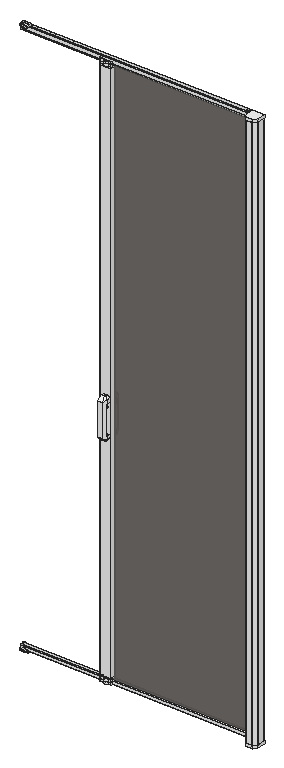
Revit family "Door_Screen-Sliding-Phantom_Screens-Single_Parting-Retractable_Door_Screens-TW2", category Specialty Equipment, Revit 2017 (continued)
Definition of nested family "Nested-Detail-Phantom_Screens-Retractable-Housing"
  Lines and regions (in)
    Masking region 1, in view "Ref. Level", detail levels medium+fine
      outline origin (0, 0.43304, 0) x (1, 0, 0) y (0, 1, 0)
        loop
          line (-0.92614, -0.03234) -> (-0.92614, -0.73511)
          arc (-0.92614, -0.73511) -> (-0.92049, -0.77182) -> (-0.90406, -0.80513) r 0.12207
          line (-0.90406, -0.80513) -> (-0.575, -1.27507)
          arc (-0.575, -1.27507) -> (-0.53137, -1.31333) -> (-0.47501, -1.32713) r 0.12207
          line (-0.47501, -1.32713) -> (0.37295, -1.32713)
          arc (0.37295, -1.32713) -> (0.42932, -1.31333) -> (0.47295, -1.27507) r 0.12207
          line (0.47295, -1.27507) -> (0.802, -0.80513)
          arc (0.802, -0.80513) -> (0.81843, -0.77182) -> (0.82408, -0.73511) r 0.12207
          line (0.82408, -0.73511) -> (0.82408, 0.28171)
          arc (0.82408, 0.28171) -> (0.70931, 0.40059) -> (0.58646, 0.29007) r 0.11896
          arc (0.58646, 0.29007) -> (0.59743, 0.26512) -> (0.6242, 0.26004) r 0.02925
          arc (0.6242, 0.26004) -> (0.6398, 0.26946) -> (0.6468, 0.28627) r 0.02925
          arc (0.6468, 0.28627) -> (0.74649, 0.32307) -> (0.70968, 0.22338) r 0.0585
          arc (0.70968, 0.22338) -> (0.69287, 0.21638) -> (0.68346, 0.20079) r 0.02925
          arc (0.68346, 0.20079) -> (0.68854, 0.17401) -> (0.71349, 0.16305) r 0.02925
          arc (0.71349, 0.16305) -> (0.7394, 0.1678) -> (0.76363, 0.17813) r 0.11896
          line (0.76363, 0.17813) -> (0.76363, -0.73517)
          arc (0.76363, -0.73517) -> (0.76078, -0.75364) -> (0.75252, -0.7704) r 0.06142
          line (0.75252, -0.7704) -> (0.42337, -1.24048)
          arc (0.42337, -1.24048) -> (0.40141, -1.25973) -> (0.37305, -1.26667) r 0.06142
          line (0.37305, -1.26667) -> (-0.37305, -1.26667)
          arc (-0.37305, -1.26667) -> (-0.35922, -1.22728) -> (-0.35985, -1.18554) r 0.11896
          arc (-0.35985, -1.18554) -> (-0.39413, -1.16238) -> (-0.41728, -1.19667) r 0.02925
          arc (-0.41728, -1.19667) -> (-0.50588, -1.25883) -> (-0.49571, -1.15286) r 0.0585
          arc (-0.49571, -1.15286) -> (-0.47823, -1.11383) -> (-0.51542, -1.09572) r 0.02925
          arc (-0.51542, -1.09572) -> (-0.55583, -1.11941) -> (-0.58396, -1.15688) r 0.11896
          line (-0.58396, -1.15688) -> (-0.85458, -0.7704)
          arc (-0.85458, -0.7704) -> (-0.86284, -0.75364) -> (-0.86568, -0.73517) r 0.06142
          line (-0.86568, -0.73517) -> (-0.86568, 0.05452)
          arc (-0.86568, 0.05452) -> (-1.03434, 0.10743) -> (-0.92614, -0.03234) r 0.09263
    Masking region 2, in view "Ref. Level", detail levels coarse
      outline origin (0, 0, 0) x (1, 0, 0) y (0, 1, 0)
        loop
          line (-1.05094, 0.83363) -> (-1.05094, -0.89408) -> (0.82408, -0.89408) -> (0.82408, 0.83363) -> (-1.05094, 0.83363)
  Dimensions and locks (in)
    Masking region 2 sketch curve to plane 1 "Center (Front/Back)" to Masking region 2 sketch curve = 0' - 0.89408" locked, 0' - 0.83363" locked
    Masking region 2 sketch curve to plane 3 "Center (Left/Right)" to Masking region 2 sketch curve = 0' - 1.05094" locked, 0' - 0.82408" locked
    Masking region 1 sketch curve to Masking region 1 sketch curve to Masking region 1 sketch curve to Masking region 1 sketch curve to Masking region 1 sketch curve to Masking region 1 sketch curve to Masking region 1 sketch curve to Masking region 1 sketch curve to Masking region 1 sketch curve to Masking region 1 sketch curve to Masking region 1 sketch curve to Masking region 1 sketch curve to plane 3 "Center (Left/Right)" to Masking region 1 sketch curve to Masking region 1 sketch curve to Masking region 1 sketch curve to Masking region 1 sketch curve to Masking region 1 sketch curve to Masking region 1 sketch curve to Masking region 1 sketch curve to Masking region 1 sketch curve to Masking region 1 sketch curve = 0' - 0.12481" locked, 0' - 0.02208" locked, 0' - 0.03838" locked, 0' - 0.01111" locked, 0' - 0.27061" locked, 0' - 0.00896" locked, 0' - 0.03987" locked, 0' - 0.0585" locked, 0' - 0.00162" locked, 0' - 0.10195" locked, 0' - 0.01374" locked, 0' - 0.35931" locked, 0' - 0.37295" locked, 0' - 0.0001" locked, 0' - 0.05031" locked, 0' - 0.04958" locked, 0' - 0.11344" locked, 0' - 0.09579" locked, 0' - 0.08145" locked, 0' - 0" locked, 0' - 0.06045" locked
    Masking region 1 sketch curve to Masking region 1 sketch curve to Masking region 1 sketch curve to Masking region 1 sketch curve to Masking region 1 sketch curve to Masking region 1 sketch curve to Masking region 1 sketch curve to Masking region 1 sketch curve to Masking region 1 sketch curve to Masking region 1 sketch curve to Masking region 1 sketch curve to Masking region 1 sketch curve to Masking region 1 sketch curve to Masking region 1 sketch curve to Masking region 1 sketch curve to Masking region 1 sketch curve to Masking region 1 sketch curve to plane 1 "Center (Front/Back)" to Masking region 1 sketch curve to Masking region 1 sketch curve to Masking region 1 sketch curve to Masking region 1 sketch curve to Masking region 1 sketch curve to Masking region 1 sketch curve = 0' - 0.05205" locked, 0' - 0" locked, 0' - 0.0084" locked, 0' - 0" locked, 0' - 0.02619" locked, 0' - 0.07863" locked, 0' - 0.00497" locked, 0' - 0.06276" locked, 0' - 0.28899" locked, 0' - 0" locked, 0' - 0.03473" locked, 0' - 0" locked, 0' - 0.03523" locked, 0' - 0" locked, 0' - 0.00006" locked, 0' - 0" locked, 0' - 0.30207" locked, 0' - 0.39493" locked, 0' - 0.20108" locked, 0' - 0.01516" locked, 0' - 0.08063" locked, 0' - 0.08145" locked, 0' - 0.06045" locked
Definition of nested family "Nested-Detail-Phantom_Screens-Slide_Bar"
  Parameters (values of type "Slide Bar")
    URL = "https://www.phantomscreens.com/"
    Type Comments = "For Use With Phantom Models Only"  # constant formula
    Manufacturer = "Phantom Mfg. (Int'l) Ltd."  # constant formula
    Description = "Slide Bar"  # constant formula
  Reference planes (in)
    plane 1 "Center (Front/Back)": y = 0
    plane 2: z = 0
    plane 3 "Center (Left/Right)": x = 0
  Lines and regions (in)
    Masking region 1, in view "Ref. Level", detail levels medium+fine
      outline origin (0, 0.43304, 0) x (1, 0, 0) y (0, 1, 0)
        loop
          line (0.80708, -0.24652) -> (0.73563, -0.23476)
          arc (0.73563, -0.23476) -> (0.59606, -0.18402) -> (0.73563, -0.13328) r 0.07901
          line (0.73563, -0.13328) -> (0.80708, -0.12151)
          arc (0.80708, -0.12151) -> (0.8488, -0.10423) -> (0.86608, -0.06251) r 0.05901
          line (0.86608, -0.06251) -> (0.86608, -0.03)
          arc (0.86608, -0.03) -> (0.8573, -0.00879) -> (0.83608, 0) r 0.03
          line (0.83608, 0) -> (-0.64506, 0)
          arc (-0.64506, 0) -> (-0.66456, -0.0195) -> (-0.64506, -0.039) r 0.0195
          line (-0.64506, -0.039) -> (-0.59057, -0.039) -> (-0.59057, -0.10001) -> (-0.81748, -0.10001) -> (-0.81748, -0.039) -> (-0.76307, -0.039)
          arc (-0.76307, -0.039) -> (-0.74357, -0.0195) -> (-0.76307, 0) r 0.0195
          line (-0.76307, 0) -> (-0.86608, 0) -> (-0.86608, -0.27403) -> (-0.82708, -0.27403) -> (-0.82708, -0.23052)
          arc (-0.82708, -0.23052) -> (-0.79658, -0.20002) -> (-0.76607, -0.23052) r 0.0305
          line (-0.76607, -0.23052) -> (-0.76607, -0.27403) -> (-0.66606, -0.27403) -> (-0.66606, -0.35603) -> (-0.76607, -0.35603) -> (-0.76607, -0.39954)
          arc (-0.76607, -0.39954) -> (-0.79658, -0.43004) -> (-0.82708, -0.39954) r 0.0305
          line (-0.82708, -0.39954) -> (-0.82708, -0.35453) -> (-0.86608, -0.35453) -> (-0.86608, -0.66506) -> (-0.66506, -0.86608) -> (0.83608, -0.86608)
          arc (0.83608, -0.86608) -> (0.8573, -0.8573) -> (0.86608, -0.83608) r 0.03
          line (0.86608, -0.83608) -> (0.86608, -0.30553)
          arc (0.86608, -0.30553) -> (0.8488, -0.26381) -> (0.80708, -0.24652) r 0.05901
    Masking region 2, in view "Ref. Level", detail levels fine
      outline origin (0, 0.43304, 0) x (1, 0, 0) y (0, 1, 0)
        loop
          line (0.80708, -0.31203) -> (0.67506, -0.31203)
          arc (0.67506, -0.31203) -> (0.58455, -0.27454) -> (0.54705, -0.18402) r 0.12801
          line (0.54705, -0.18402) -> (0.54705, -0.05901) -> (-0.54365, -0.05901)
          arc (-0.54365, -0.05901) -> (-0.55302, -0.12128) -> (-0.60906, -0.15001) r 0.06901
          line (-0.60906, -0.15001) -> (-0.68357, -0.15001)
          arc (-0.68357, -0.15001) -> (-0.71605, -0.18372) -> (-0.68115, -0.21521) r 0.0325
          arc (-0.68115, -0.21521) -> (-0.6291, -0.23347) -> (-0.60706, -0.28403) r 0.06901
          line (-0.60706, -0.28403) -> (-0.60706, -0.34603)
          arc (-0.60706, -0.34603) -> (-0.62727, -0.39483) -> (-0.67606, -0.41504) r 0.06901
          line (-0.67606, -0.41504) -> (-0.71607, -0.41504) -> (-0.71607, -0.48905) -> (-0.80708, -0.48905) -> (-0.80708, -0.64062) -> (-0.64062, -0.80708) -> (-0.15401, -0.80708) -> (-0.15401, -0.71007)
          arc (-0.15401, -0.71007) -> (-0.14686, -0.66942) -> (-0.12625, -0.63366) r 0.11901
          arc (-0.12625, -0.63366) -> (-0.08539, -0.63004) -> (-0.08101, -0.67154) r 0.029
          arc (-0.08101, -0.67154) -> (-0.035, -0.77007) -> (0.01177, -0.6709) r 0.06001
          arc (0.01177, -0.6709) -> (0.01538, -0.63004) -> (0.05624, -0.63366) r 0.029
          arc (0.05624, -0.63366) -> (0.07685, -0.66942) -> (0.08401, -0.71007) r 0.11901
          line (0.08401, -0.71007) -> (0.08401, -0.80708) -> (0.80708, -0.80708) -> (0.80708, -0.31203)
    Masking region 3, in view "Ref. Level", detail levels coarse
      outline origin (0, 0, 0) x (1, 0, 0) y (0, 1, 0)
        loop
          line (-0.86608, 0.43304) -> (-0.86608, -0.43304) -> (0.86608, -0.43304) -> (0.86608, 0.43304) -> (-0.86608, 0.43304)
  Dimensions and locks (in)
    Masking region 1 sketch curve to Masking region 1 sketch curve to Masking region 1 sketch curve to Masking region 1 sketch curve to Masking region 1 sketch curve to Masking region 1 sketch curve to Masking region 1 sketch curve to Masking region 1 sketch curve to Masking region 1 sketch curve to Masking region 1 sketch curve to Masking region 1 sketch curve to Masking region 1 sketch curve to plane 3 "Center (Left/Right)" to Masking region 1 sketch curve to Masking region 1 sketch curve to Masking region 1 sketch curve to Masking region 1 sketch curve to Masking region 1 sketch curve to Masking region 1 sketch curve = 0' - 0" locked, 0' - 0.039" locked, 0' - 0" locked, 0' - 0.0096" locked, 0' - 0.05141" locked, 0' - 0" locked, 0' - 0.0225" locked, 0' - 0.07751" locked, 0' - 0.001" locked, 0' - 0.0005" locked, 0' - 0.07399" locked, 0' - 0.59057" locked, 0' - 0.59606" locked, 0' - 0.21102" locked, 0' - 0" locked, 0' - 0.029" locked, 0' - 0.03" locked, 0' - 0" locked
    Masking region 1 sketch curve to Masking region 1 sketch curve to Masking region 1 sketch curve to Masking region 1 sketch curve to Masking region 1 sketch curve to Masking region 1 sketch curve to Masking region 1 sketch curve to Masking region 1 sketch curve to Masking region 1 sketch curve to Masking region 1 sketch curve to Masking region 1 sketch curve to Masking region 1 sketch curve to Masking region 1 sketch curve to Masking region 1 sketch curve to Masking region 1 sketch curve to Masking region 1 sketch curve to plane 1 "Center (Front/Back)" to Masking region 1 sketch curve to Masking region 1 sketch curve = 0' - 0" locked, 0' - 0.039" locked, 0' - 0" locked, 0' - 0.0235" locked, 0' - 0.0375" locked, 0' - 0.005" locked, 0' - 0.0165" locked, 0' - 0.07851" locked, 0' - 0.0465" locked, 0' - 0.0275" locked, 0' - 0" locked, 0' - 0.0315" locked, 0' - 0.049" locked, 0' - 0.0015" locked, 0' - 0.07401" locked, 0' - 0.003" locked, 0' - 0.23202" locked, 0' - 0.20102" locked
    Masking region 2 sketch curve to Masking region 2 sketch curve to Masking region 2 sketch curve to Masking region 2 sketch curve to Masking region 2 sketch curve to Masking region 2 sketch curve to Masking region 2 sketch curve to Masking region 2 sketch curve to Masking region 2 sketch curve to Masking region 2 sketch curve to Masking region 2 sketch curve to Masking region 2 sketch curve to Masking region 2 sketch curve to Masking region 2 sketch curve = 0' - 0.09101" locked, 0' - 0" locked, 0' - 0.07545" locked, 0' - 0.03356" locked, 0' - 0.06701" locked, 0' - 0.38604" locked, 0' - 0.02777" locked, 0' - 0 1/32" locked, 0' - 0.15125" locked, 0' - 0.02777" locked, 0' - 0.46304" locked, 0' - 0.12801" locked, 0' - 0.13201" locked
    Masking region 2 sketch curve to Masking region 2 sketch curve to Masking region 2 sketch curve to Masking region 2 sketch curve to Masking region 2 sketch curve to Masking region 2 sketch curve to Masking region 2 sketch curve to Masking region 2 sketch curve to Masking region 2 sketch curve to Masking region 2 sketch curve to Masking region 2 sketch curve to Masking region 2 sketch curve to Masking region 2 sketch curve = 0' - 0.09101" locked, 0' - 0.034" locked, 0' - 0.031" locked, 0' - 0.09701" locked, 0' - 0.10301" locked, 0' - 0.07401" locked, 0' - 0.13423" locked, 0' - 0" locked, 0' - 0.01735" locked, 0' - 0.12945" locked, 0' - 0.037" locked, 0' - 0" locked
    Masking region 3 sketch curve to plane 1 "Center (Front/Back)" to Masking region 3 sketch curve = 0' - 0.43304" locked, 0' - 0.43304" locked
    Masking region 3 sketch curve to plane 3 "Center (Left/Right)" to Masking region 3 sketch curve = 0' - 0.86608" locked, 0' - 0.86608" locked
Types (3): name | Width | Requested Width | Requested Height | Model | Magnetic Latch | Latch Handle | Height | Door Opening Width Calc | Screen Opening | Description
  (no name) | 3' - 0" | 3' - 0" | 7' - 0" | "Latch and Release System" | no | yes | 7' - 0" | 1' - 0" | 1' - 0" | "Phantom retractable door screen with latching handle"
  Magnetic Handle | 3' - 9" | 3' - 9" | 8' - 2" | "Magnet Latching System" | yes | no | 8' - 2" | 2' - 0" | 2' - 0" | "Phantom retractable door screen with magnet catch"
  Latch Handle | 3' - 0" | 3' - 0" | 7' - 0" | "Latch and Release System" | no | yes | 7' - 0" | 1' - 0" | 1' - 0" | "Phantom retractable door screen with latching handle"
